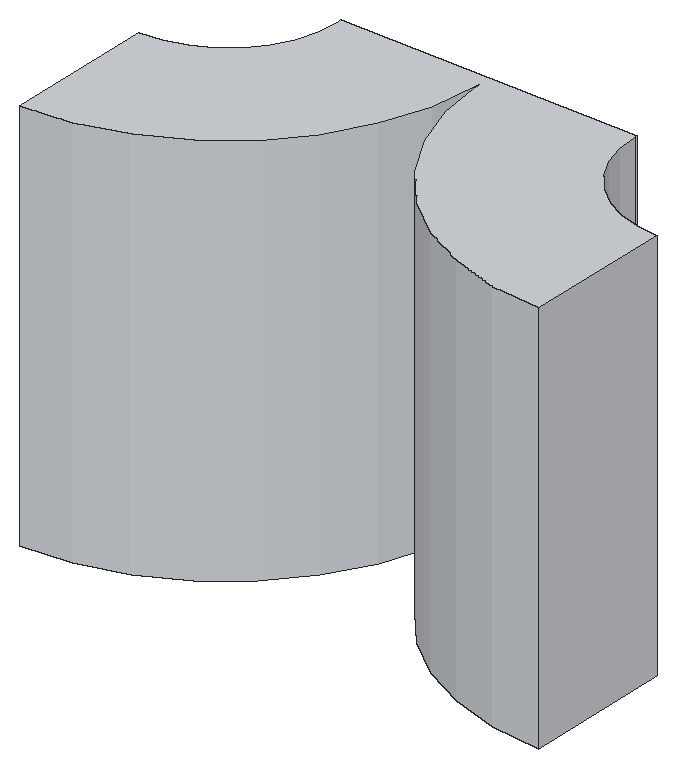
Revit family "M_Rectangular Wye - Curved - Transition", category Duct Fittings, Revit 2022
Family settings
  Round Connector Dimension = Use Diameter
  Part Type = Tee
  OmniClass Number = 23.75.70.14
  OmniClass Title = Air Ductwork
  Work Plane-Based = No
  Always vertical = Yes
  Cut with Voids When Loaded = No
  Shared = No
Parameters (values of type "Standard")
  Width 1 [instance] = 5 / 8 * (Duct Width 1 - Duct Width 2) + Radius 2  # 187.75 mm
  Shoulder [instance] = 3.175 mm  # constant formula
  Radius 1 [instance] = 1.25 * Duct Width 1  # 188 mm
  Radius 2 [instance] = 1.25 * Duct Width 2  # 187.5 mm
  Length 2 [instance] = 0.5 * Duct Width 3 + 0.75 * Duct Width 2  # 262.5 mm
  Length 1 [instance] = 0.5 * Duct Width 3 + 0.75 * Duct Width 1  # 262.8 mm
  Duct Width 3 [instance] = 300 mm
  Duct Width 2 [instance] = 150 mm
  Duct Width 1 [instance] = 150.4 mm
  Duct Height [instance] = 400 mm
  Default Elevation = 4355 mm
Reference planes
  plane 1 "Center (Front/Back)": y = 0
  plane 2: z = 0
  plane 3 "Center (Left/Right)": x = 0
  plane 4: y = 187.75
  plane 5: y = 0.25
  plane 6: y = -0.25
  plane 7: x = -262.8
  plane 8: x = 262.5
  plane 9: y = 190.925
Forms (mm)
  Sweep 1, solid, detail levels medium+fine
    path in 3D
      loop
        arc (-74.8, 187.75, 0) -> (-129.864, 54.814, 0) -> (-262.8, -0.25, 0) r 188
    profile "M_Duct - Rectangular : Duct - Rectangular 1" origin (-129.864, 54.814, 0) x (0.707107, -0.707107, 0) y (0, 0, 1)
      loop
        line (-75.2, 200) -> (-75.2, -200) -> (75.2, -200) -> (75.2, 200) -> (-75.2, 200)
  Sweep 2, solid, detail levels medium+fine
    path in 3D
      loop
        arc (75, 187.75, 0) -> (129.917, 55.167, 0) -> (262.5, 0.25, 0) r 187.5
    profile "M_Duct - Rectangular : Duct - Rectangular 2" origin (129.917, 55.167, 0) x (0.707107, 0.707107, 0) y (0, 0, 1)
      loop
        line (-75, 200) -> (-75, -200) -> (75, -200) -> (75, 200) -> (-75, 200)
  Sweep 3, solid, detail levels medium+fine
    path in 3D
      loop
        line (0, 190.925, 0) -> (0, 187.75, 0)
    profile "M_Duct - Rectangular : Duct - Rectangular 3" origin (0, 189.337, 0) x (1, 0, 0) y (0, 0, 1)
      loop
        line (-150, 200) -> (-150, -200) -> (150, -200) -> (150, 200) -> (-150, 200)
Cuts and joins
  joined: Sweep 1, Sweep 2, Sweep 3
Lines and regions (mm)
  model lines, detail levels coarse
    curve 1: arc (-74.8, 187.75, 0) -> (-129.864, 54.814, 0) -> (-262.8, -0.25, 0) r 188
    curve 2: arc (75, 187.75, 0) -> (129.917, 55.167, 0) -> (262.5, 0.25, 0) r 187.5
    curve 5: line (0, 190.925, 0) -> (0, 187.75, 0)
  sketch lines
    curve 3: arc (-74.8, 187.75, 0) -> (-129.864, 54.814, 0) -> (-262.8, -0.25, 0) r 188
    curve 4: arc (75, 187.75, 0) -> (129.917, 55.167, 0) -> (262.5, 0.25, 0) r 187.5
    curve 6: line (0, 190.925, 0) -> (0, 187.75, 0)
Dimensions and locks
  "Width 1": plane 1 "Center (Front/Back)" to plane 4
  "Radius 2": plane 5 to plane 4
  "Radius 1": plane 6 to plane 4
  "Length 1": plane 7 to plane 3 "Center (Left/Right)"
  "Length 2": plane 3 "Center (Left/Right)" to plane 8
  "Shoulder": plane 4 to plane 9
  "Radius 1": radius of curve 1
  "Radius 2": radius of curve 2
  aligned and locked: plane 7 to curve 1
  aligned and locked: plane 4 to curve 1
  aligned and locked: plane 4 to curve 2
  aligned and locked: plane 8 to curve 2
  aligned and locked: curve 5 to plane 3 "Center (Left/Right)"
  aligned and locked: plane 9 to curve 5
  aligned and locked: plane 4 to curve 5
Connectors
  hvac at (-262.8, -0.25, 0), driven by "Duct Height", driven by "Duct Width 1"
    settings: on Sweep 1, index 1, duct flow 0.0 L/s, flow factor 0, pres drop 0.0 Pa, loss coef 0, conn angle 0.00°, conn width 150.4 mm, conn height 400 mm, conn diameter 609.6 mm, duct sys type 28, conn prof type 1, flow config 0, flow direction 0, loss method 0, conn ref index -1, conn util no, is conn primary yes, conn desc ""
  hvac at (262.5, 0.25, 0), driven by "Duct Height", driven by "Duct Width 2"
    settings: on Sweep 2, index 2, duct flow 0.0 L/s, flow factor 0, pres drop 0.0 Pa, loss coef 0, conn angle 0.00°, conn width 150 mm, conn height 400 mm, conn diameter 609.6 mm, duct sys type 28, conn prof type 1, flow config 0, flow direction 0, loss method 0, conn ref index -1, conn util no, is conn primary no, conn desc ""
  hvac at (0, 190.925, 0), driven by "Duct Height", driven by "Duct Width 3"
    settings: on Sweep 3, index 3, duct flow 0.0 L/s, flow factor 0, pres drop 0.0 Pa, loss coef 0, conn angle 0.00°, conn width 300 mm, conn height 400 mm, conn diameter 609.6 mm, duct sys type 28, conn prof type 1, flow config 0, flow direction 0, loss method 0, conn ref index -1, conn util no, is conn primary no, conn desc ""
